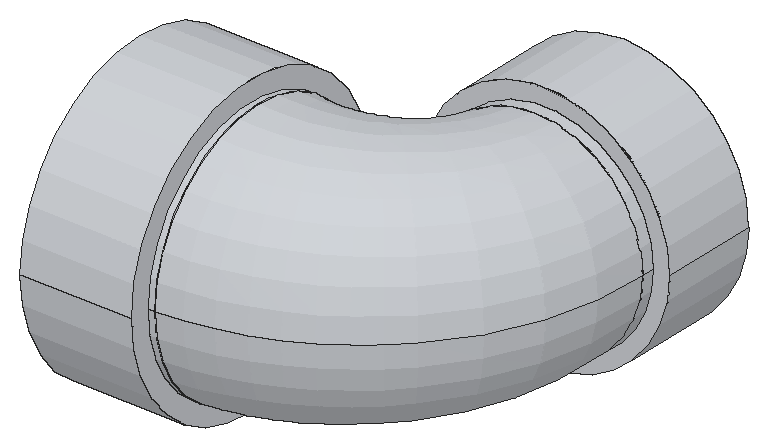
Revit family "a90757e5fb494f69931ad3587778b8a6", category Pipe Fittings, Revit 2021
Family settings
  Round Connector Dimension = Use Radius
  Part Type = Elbow
  OmniClass Number = 23.60.30.11.14
  OmniClass Title = Pipework Fittings
  Seek Item ID = Elbow Reducing - Threaded - MI - Class 300-0000-USA-ENU
  Work Plane-Based = No
  Always vertical = Yes
  Cut with Voids When Loaded = No
  Shared = No
Parameters (values of type "Standard")
  Loss Method = K Coefficient from Table
  Lookup Table Name = "Elbow Reducing - Threaded - MI - Class 300"
  Length 4 [instance] = if(Length 1 = Max Length 1, if(C2 Length 1 = Max Length 1, 1/32", if(C2 Length 1 - Max Length 1 < 1/32", 1/32", C2 Length 1 - Max Length 1)), 1/32")  # 0.05906"
  Length 1 [instance] = if(Max Length 1 > Max Insulation Radius 12 * tan(Angle / 2), Max Length 1, Max Insulation Radius 12 * tan(Angle / 2) + 1/32")  # 0.68898"
  Max Length 1 [instance] = if(C1 Length 1 > C2 Length 1, C2 Length 1, C1 Length 1)  # 0.68898"
  Length 3 [instance] = Length 1 + Length 1 * cos(Angle)  # 0.68898"
  Length 7 [instance] = (Length 4 + Band Width 2) * cos(Angle) + Length 1 + Length 1 * cos(Angle)  # 0.68898"
  Length 6 [instance] = (Length 4 + Band Width 2) * sin(Angle)  # 1/2"
  Length 5 [instance] = if(Length 1 = Max Length 1, if(C1 Length 1 = Max Length 1, 1/32", if(C1 Length 1 - Max Length 1 < 1/32", 1/32", C1 Length 1 - Length 1)), 1/32")  # 1/32"
  K Coefficient Table = "Regular Threaded 45, 90 and 180 Elbow"
  Default Elevation = 0' - 0"
  C1 Length 1 [instance] = Center to End 1 - Band Width 1  # 0.68898"
  C2 Length 1 [instance] = Center to End 2 - Band Width 2  # 0.74803"
  Length 2 [instance] = Length 1 * sin(Angle)  # 0.68898"
  Tick Size 2 [instance] = Fitting Outside Diameter 2 * 0.4  # 0.38898"
  Tick Size 1 [instance] = Fitting Outside Diameter 1 * 0.4  # 0.46457"
  Nominal Radius 2 [instance] = 3/16"
  Nominal Radius 1 [instance] = 1/4"
  Nominal Diameter 2 [instance] = Nominal Radius 2 * 2  # 3/8"
  Nominal Diameter 1 [instance] = Nominal Radius 1 * 2  # 1/2"
  Metal Thickness 2 [instance] = size_lookup(Lookup Table Name, "MThk", 0.07 * Nominal Diameter 2 + 31/256", Nominal Diameter 2)  # 0.14961"
  Metal Thickness 1 [instance] = size_lookup(Lookup Table Name, "MThk", 0.07 * Nominal Diameter 1 + 31/256", Nominal Diameter 1)  # 0.16142"
  Max Insulation Radius 12 [instance] = if(Fitting Outside Radius 1 > Fitting Outside Radius 2, Fitting Outside Radius 1, Fitting Outside Radius 2)  # 0.58071"
  Fitting Outside Radius 2 [instance] = Fitting Outside Diameter 2 / 2  # 0.48622"
  Fitting Outside Radius 1 [instance] = Fitting Outside Diameter 1 / 2  # 0.58071"
  Fitting Outside Diameter 1 [instance] = Fitting Inside Diameter 1 + Metal Thickness 1 * 2  # 1.16142"
  Fitting Outside Diameter 2 [instance] = Fitting Inside Diameter 2 + Metal Thickness 2 * 2  # 0.97244"
  Fitting Inside Diameter 2 [instance] = size_lookup(Lookup Table Name, "FID", 1.04 * Nominal Diameter 2 + 67/256", Nominal Diameter 2)  # 0.67323"
  Fitting Inside Diameter 1 [instance] = size_lookup(Lookup Table Name, "FID", 1.04 * Nominal Diameter 1 + 67/256", Nominal Diameter 1)  # 0.83858"
  Center to End 2 [instance] = size_lookup(Lookup Table Name, "CtE2", 0.59 * Nominal Diameter 1 + 0.23 * Nominal Diameter 2 + 157/256", Nominal Diameter 1, Nominal Diameter 2)  # 1.18898"
  Center to End 1 [instance] = size_lookup(Lookup Table Name, "CtE1", 0.8 * Nominal Diameter 1 + 0.01 * Nominal Diameter 2 + 193/256", Nominal Diameter 1, Nominal Diameter 2)  # 1.18898"
  Center Radius [instance] = Length 1 / tan(Angle / 2)  # 0.68898"
  Band Width 2 [instance] = size_lookup(Lookup Table Name, "BWid", 0.22 * Nominal Diameter 2 + 97/256", Nominal Diameter 2)  # 0.44094"
  Band Width 1 [instance] = size_lookup(Lookup Table Name, "BWid", 0.22 * Nominal Diameter 1 + 97/256", Nominal Diameter 1)  # 1/2"
  Band Outside Radius 2 [instance] = Band Outside Diameter 2 / 2  # 0.56102"
  Band Outside Radius 1 [instance] = Band Outside Diameter 1 / 2  # 0.66929"
  Band Outside Diameter 1 [instance] = size_lookup(Lookup Table Name, "BOD", 1.29 * Nominal Diameter 1 + 161/256", Nominal Diameter 1)  # 1.33858"
  Band Outside Diameter 2 [instance] = size_lookup(Lookup Table Name, "BOD", 1.29 * Nominal Diameter 2 + 161/256", Nominal Diameter 2)  # 1.12205"
  Band Insulation Outside Radius 2 [instance] = (Band Outside Diameter 2) / 2  # 0.56102"
  Band Insulation Outside Radius 1 [instance] = (Band Outside Diameter 1) / 2  # 0.66929"
  Assembly Code = ""
  Angle 1 [instance] = 180.00° - Angle  # 90.00°
  Angle [instance] = 90.00°
Reference planes (in)
  plane 1 "Center (Front/Back)": y = 0
  plane 2: z = 0
  plane 3 "Center (Left/Right)": x = 0
  plane 4: x = -0.68898
  plane 5: x = 0
  plane 6: y = 0.68898
  plane 7: y = 0.68898
  plane 8: y = 1.18898
  plane 9: x = 0
  plane 10: x = -0.72023
  plane 11: x = -1.22023
Forms (in)
  Sweep 1, solid, detail levels fine
    path in 3D
      loop
        line (-0.68898, 0, 0) -> (-0.72023, 0, 0)
    profile origin (-0.7046, 0, 0) x (0, -1, 0) y (0, 0, 1)
      loop
        circle (0, 0) r 0.58071
  Sweep 2, solid, detail levels fine
    path in 3D
      loop
        line (0, 0.68898, 0) -> (0, 0.74803, 0)
    profile origin (0, 0.7185, 0) x (-1, 0, 0) y (0, 0, 1)
      loop
        circle (0, 0) r 0.48622
  Sweep 3, solid, detail levels fine
    path in 3D
      loop
        line (0, 0.74803, 0) -> (0, 1.18898, 0)
    profile origin (0, 0.9685, 0) x (-1, 0, 0) y (0, 0, 1)
      loop
        circle (0, 0) r 0.56102
  Sweep 4, solid, detail levels fine
    path in 3D
      loop
        line (-0.72023, 0, 0) -> (-1.22023, 0, 0)
    profile origin (-0.97023, 0, 0) x (0, -1, 0) y (0, 0, 1)
      loop
        circle (0, 0) r 0.66929
  SweptBlend 5, solid, detail levels fine
    path in 3D
      loop
        arc (-0.68898, 0, 0) -> (-0.2018, 0.2018, 0) -> (0, 0.68898, 0) r 0.68898
    profile origin (-0.68898, 0, 0) x (0, 1, 0) y (0, 0, 1)
      loop
        circle (0, 0) r 0.58071
    end profile origin (0, 0.68898, 0) x (-1, 0, 0) y (0, 0, 1)
      loop
        circle (0, 0) r 0.48622
Cuts and joins
  joined: Sweep 1, Sweep 4
  joined: Sweep 2, Sweep 3
Lines and regions (in)
  model lines, detail levels coarse+medium
    curve 1: line (-0.68898, 0, 0) -> (-0.72023, 0, 0)
    curve 2: line (-0.72023, 0, 0) -> (-1.22023, 0, 0)
    curve 5: line (0, 0.68898, 0) -> (0, 0.74803, 0)
    curve 6: line (0, 0.74803, 0) -> (0, 1.18898, 0)
    curve 10: line (-1.22023, 0, 0) -> (-1.22023, 0.46457, 0)
    curve 11: line (-1.22023, 0, 0) -> (-1.22023, -0.46457, 0)
    curve 12: arc (-0.68898, 0, 0) -> (-0.2018, 0.2018, 0) -> (0, 0.68898, 0) r 0.68898
    curve 14: line (0, 1.18898, 0) -> (0.38898, 1.18898, 0)
    curve 15: line (0, 1.18898, 0) -> (-0.38898, 1.18898, 0)
  sketch lines
    curve 3: line (-0.68898, 0, 0) -> (-0.72023, 0, 0)
    curve 7: line (0, 0.68898, 0) -> (0, 0.74803, 0)
    curve 8: line (0, 0.74803, 0) -> (0, 1.18898, 0)
    curve 9: line (-0.72023, 0, 0) -> (-1.22023, 0, 0)
    curve 13: arc (-0.68898, 0, 0) -> (-0.2018, 0.2018, 0) -> (0, 0.68898, 0) r 0.68898
  reference lines
    curve 4: line (0, 1.18898, 0) -> (0, 0.74803, 0)
    curve 16: line (0, 0, 0) -> (0, 0.35958, 0)
Dimensions and locks (in)
  "Length 1": plane 4 to plane 3 "Center (Left/Right)"
  "Length 3": plane 4 to plane 5
  "Length 2": plane 6 to plane 1 "Center (Front/Back)"
  "Center Radius": plane 7 to plane 1 "Center (Front/Back)"
  "Length 5": curve 1 to curve 1
  "Length 6": plane 8 to plane 6
  "Length 4": curve 5 to curve 5
  "Band Width 2": curve 6 to curve 6
  "Length 5": plane 10 to plane 4
  "Band Width 1": plane 11 to plane 10
  "Band Width 1": curve 2 to curve 2
  "Tick Size 1": curve 10 to curve 10
  "Tick Size 1": curve 11 to curve 11
  "Length 7": plane 4 to plane 9
  "Tick Size 2": curve 14 to curve 14
  "Tick Size 2": curve 15 to curve 15
  "Fitting Outside Radius 1": radius of Sweep 1 sketch curve
  "Fitting Outside Radius 2": radius of Sweep 2 sketch curve
  "Band Outside Radius 2": radius of Sweep 3 sketch curve
  "Band Outside Radius 1": radius of Sweep 4 sketch curve
  "Fitting Outside Radius 1": radius of SweptBlend 5 sketch curve
  "Fitting Outside Radius 2": radius of SweptBlend 5 sketch curve
  "Angle": angle plane 8 to curve 4
  "Angle": angle plane 6 to curve 5
  "Angle 1": angle curve 5 to curve 1
  "Angle": angle plane 6 to curve 6
  angle curve 10 to curve 2 = 90.00°
  angle curve 11 to curve 2 = 90.00°
  "Angle": angle curve 12 to curve 12
  angle curve 5 to curve 14 = 90.00°
  locked: curve 15 to curve 5 (angle 90.00°)
  "Angle": angle plane 1 "Center (Front/Back)" to curve 16
  aligned and locked: curve 1 to plane 1 "Center (Front/Back)"
  aligned and locked: level to Sweep 1 sketch curve
  aligned and locked: plane 1 "Center (Front/Back)" to Sweep 1 sketch curve
  aligned and locked: plane 8 to curve 4
  aligned and locked: plane 9 to curve 4
  aligned and locked: plane 5 to curve 5
  aligned and locked: plane 7 to curve 12
  aligned and locked: plane 8 to curve 15
  aligned and locked: plane 1 "Center (Front/Back)" to curve 16
  aligned and locked: plane 3 "Center (Left/Right)" to curve 16
Automatic sketch dimensions
  Sweep 2 sketch curve to profile plane = 0' - 0"  (x2)
  Sweep 3 sketch curve to profile plane = 0' - 0"  (x2)
  Sweep 4 sketch curve to profile plane = 0' - 0"  (x2)
  SweptBlend 5 sketch curve to profile plane = 0' - 0"  (x4)
  curve 11 to plane 11 = 0' - 0"
Connectors (in)
  piping at (-1.22023, 0, 0), diameter 0.5, driven by "Angle", driven by "Nominal Radius 1"
    settings: on cut or joined group of Sweep 1, Sweep 4, index 1, connector inside diameter 1/2", connector length 0' - 0", flow factor 0, pipe flow 0 GPM, pressure drop 0.00 psi, fitting loss kfactor 0, connector angle 90.00°, fixture units 0, engagement length 0' - 0", angle of deflection 0.00°, flow configuration 0, flow direction 0, fitting loss method 0, system type 28, joint type 0, gender type 0, connector reference index 2, connector utility 0, adjustable connector no, is connector primary yes, connector description ""
  piping at (0, 1.18898, 0), diameter 0.375, driven by "Angle", driven by "Nominal Radius 2"
    settings: on cut or joined group of Sweep 2, Sweep 3, index 2, connector inside diameter 3/8", connector length 0' - 0", flow factor 0, pipe flow 0 GPM, pressure drop 0.00 psi, fitting loss kfactor 0, connector angle 90.00°, fixture units 0, engagement length 0' - 0", angle of deflection 0.00°, flow configuration 0, flow direction 0, fitting loss method 0, system type 28, joint type 0, gender type 0, connector reference index 1, connector utility 0, adjustable connector no, is connector primary no, connector description ""
